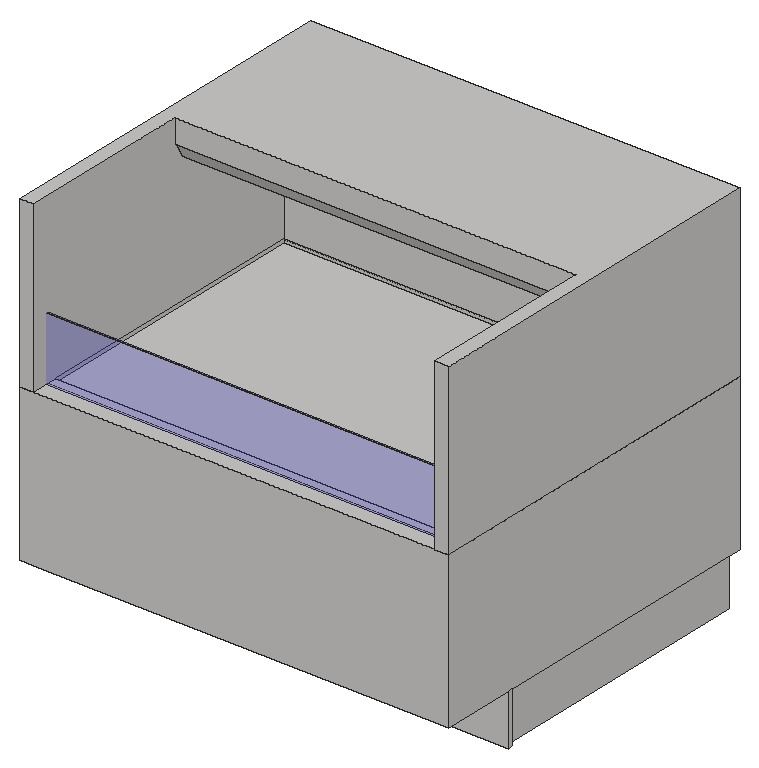
Revit family "Food-Service-Equipment_Oscartek_Muro_Optima-D34_cat", category Specialty Equipment, Revit 2026
Family settings
  Round Connector Dimension = Use Diameter
  Part Type = Normal
  Classification Number = 23.40.40.11
  Work Plane-Based = No
  Enable Cutting in Views = No
  Always vertical = Yes
  Cut with Voids When Loaded = No
  Maintain Annotation Orientation = No
  Shared = No
  Room Calculation Point = No
Parameters
  Weight in Pounds = 286
  Watts = Volts * FL Amps  # 880 W
  Volts = 220 V
  URL Cutsheet = "www.oscartek.com"
  URL = "www.oscartek.com"
  Type Comments = "As Specified"
  Test Data = "http://www.oscartek.com/company/clients.php"
  Standard Model [instance] = not(Show Shutter)  # yes
  Specification by User = ""
  Specification by Manufacturer = ""
  Specification = "https://www.arcat.com/arcatcos/cos48/arc48760.html"
  Show Shutter [instance] = no
  Serial Number = ""
  Seismic Rating = ""
  Sales Information = "http://www.oscartek.com/company/contact.php"
  SMACNA No = ""
  Revision Code = ""
  Revision = "R1_2018-10"
  Refrigerant Volume = 0.00 kip
  Refrigerant Type = ""
  Product Data = "http://www.oscartek.com/support/manuals/"
  Plumbing Remarks = ""
  Phase = 1
  Number of Poles = 1
  NAFEM Spec ID Number = ""
  Model = "MURO OPTIMA D34 1000"
  Min Ckt Ampacity = 0 A
  Max Overcurrent Protection = 0 A
  Masterspec = ""
  Manufacturer Website = "http://www.oscartek.com/index.php"
  Manufacturer Phone - Toll Free = "855-885-2400"
  Manufacturer Phone = "650-342-2400"
  Manufacturer Fax = "650-342-7400"
  Manufacturer Address = "361 Beach Rd., Burlingame, CA 94010"
  Manufacturer = "OSCARTEK"
  Length = 39 3/8"
  Item Number = ""
  Installed By = ""
  Installation-Fabrication = "http://www.oscartek.com/support/manuals/"
  Indirect Waste Size = 1"
  Indirect Waste Flow = 0 GPM
  Indirect Waste Connection Type = ""
  Indirect Waste Connection Height = 0"
  Identify Quantity as Lot = yes
  Height = 34 1/2"
  HP = ""
  Green Building-LEED = "https://www.arcat.com/green/green_building.shtml"
  Furnished By = ""
  Foodservice Equipment Identifier = yes
  FL Amps = 4 A
  Electrical Remarks = ""
  Electric Connection Type = ""
  Elec Conn RI Height = 0"
  Elec Conn Connection Height = 0"
  Drawn By = "Sumex Design, Inc. / Robert S. Weygant, CSI, CDT, SCIP"
  Description = "SELF SERVE AIR SCREEN REFRIGERATION SHOWCASE"
  Depth = 33 7/16"
  Default Elevation = 0"
  Cycle = 60 Hz
  Copyright = "©Arcat Inc."
  Construction Details = "http://www.oscartek.com/support/manuals/"
  Conn Plug = ""
  Conn Conduit = yes
  Category = ""
  CSI MasterFormat = "11 41 33"
  Building Codes = "https://www.arcat.com/arcatcos/cos48/arc48760.html"
  BTUH = 2990.0 Btu/h
  Apparent Power = 0 VA
Reference planes (in)
  plane 1 "BACK": y = 0
  plane 2: z = 0
  plane 3 "LEFT": x = 0
  plane 4 "RIGHT": x = 39.375
  plane 5 "FRONT": y = -33.4375
  plane 6 "TOP": z = 34.5
  plane 7 "Center Y": x = 19.6875
  plane 8 "Center X": y = -16.71875
  plane 9: x = 1.21823
  plane 10: x = 38.15677
Forms (in)
  Extrusion 1, solid, material "QF_Metal - Stainless - Polished", visible <- "Standard Model"
    sketch origin (1.21823, -57.31332, 48) x (0, -1, 0) y (0, 0, 1)
      loop
        line (-40.08563, -15.72237) -> (-40.08563, -13.5) -> (-57.31332, -13.5) -> (-57.31332, -29) -> (-52.64307, -29) -> (-52.64307, -16.56425) -> (-41.81438, -16.56425) -> (-40.96622, -17.05394) -> (-40.19744, -15.72237) -> (-40.08563, -15.72237)
    from 0 to -36.93854
  Extrusion 2, solid, material "QF_Metal - Stainless - Polished"
    sketch origin (0, 0, 0) x (0, 1, 0) y (0, 0, 1)
      loop
        line (-26.52507, 0) -> (-26.13211, 0) -> (-26.13211, 4.69916) -> (-26.52507, 4.69916) -> (-26.52507, 0)
    from 0 to 39.375 <- "Length"
  Extrusion 3, solid, material "Glass"
    sketch origin (1.21823, -57.31332, 48) x (0, -1, 0) y (0, 0, 1)
      loop
        line (-25.47687, -23.12537) -> (-25.47687, -29.01984) -> (-25.24109, -29.01984) -> (-25.24109, -23.12537) -> (-25.47687, -23.12537)
    from 0 to -36.93854
  Extrusion 4, solid, material "QF_Metal - Stainless - Polished", visible <- "Standard Model"
    sketch origin (39.375, 0, 0) x (0, -1, 0) y (0, 0, 1)
      loop
        line (0, 34.5) -> (0, 19) -> (33.4375, 19) -> (33.4375, 34.5) -> (0, 34.5)
    from 0 to 1.21823
  Extrusion 5, solid, material "QF_Metal - Stainless - Polished", visible <- "Standard Model"
    sketch origin (0, 0, 0) x (0, -1, 0) y (0, 0, -1)
      loop
        line (0, -34.5) -> (33.4375, -34.5) -> (33.4375, -19) -> (0, -19) -> (0, -34.5)
    from 0 to 1.21823
  Extrusion 6, solid, material "QF_Metal - Stainless - Polished", visible <- "Standard Model"
    sketch origin (0, 0, 0) x (0, 1, 0) y (0, 0, 1)
      loop
        line (0, 19) -> (-33.4375, 19) -> (-33.4375, 4.69916) -> (0, 4.69916) -> (0, 19)
    from 0 to 1.21823
  Extrusion 7, solid, material "QF_Metal - Stainless - Polished", visible <- "Show Shutter"
    sketch origin (1.21823, -151.17108, 48) x (0, -1, 0) y (0, 0, 1)
      loop
        line (-119.86952, -22.43653) -> (-119.49454, -21.78704) -> (-119.29806, -21.44673) -> (-119.36613, -21.40743) -> (-119.53725, -21.72264) -> (-133.94339, -13.90163) -> (-133.94339, -14.79591) -> (-119.86952, -22.43653)
    from 0 to -36.93854
  Extrusion 8, solid, material "QF_Metal - Stainless - Polished", visible <- "Standard Model"
    sketch origin (39.375, 0, 0) x (0, -1, 0) y (0, 0, 1)
      loop
        line (0, 19) -> (0, 4.6875) -> (33.4375, 4.6875) -> (33.4375, 19) -> (0, 19)
    from 0 to 1.21823
  Extrusion 9, solid, material "QF_Metal - Stainless - Polished", visible <- "Standard Model"
    sketch origin (1.21823, -57.31332, 48) x (0, -1, 0) y (0, 0, 1)
      loop
        line (-23.87582, -43.3125) -> (-23.87582, -29) -> (-26.26916, -29) -> (-26.26916, -29.3208) -> (-52.64307, -29.3208) -> (-52.64307, -29) -> (-57.31332, -29) -> (-57.31332, -43.30084) -> (-56.13443, -43.30084) -> (-56.13443, -44.75805) -> (-31.18121, -44.75805) -> (-31.18121, -43.3125) -> (-23.87582, -43.3125)
    from 0 to -36.93854
  Extrusion 10, solid, material "QF_Metal - Stainless - Polished", visible <- "Show Shutter"
    sketch origin (0, 0, 0) x (0, 1, 0) y (0, 0, 1)
      loop
        line (-33.47305, 4.6875) -> (-0.03555, 4.6875) -> (-0.03555, 19) -> (-4.70581, 19) -> (-4.70581, 18.6792) -> (-27.81184, 18.6792) -> (-30.27597, 25.44933) -> (-31.31051, 25.44933) -> (-31.5003, 25.77806) -> (-33.47305, 25.07675) -> (-33.47305, 4.6875)
    from 0 to 39.375 <- "Length"
  Extrusion 11, solid, material "QF_Metal - Stainless - Polished"
    sketch origin (0, 0, 18.4292) x (1, 0, 0) y (0, 1, 0)
      loop
        circle (3.92964, -19.00558) r 0.64839
      loop
        circle (34.76074, -19.35924) r 0.64839
    from 0 to 0.125
  Extrusion 12, solid, material "QF_Metal - Stainless - Polished"
    sketch origin (0, 0, 10.80145) x (1, 0, 0) y (0, 1, 0)
      loop
        circle (5.87377, -7.53114) r 0.58819
    from 0 to 0.125
  Extrusion 13, solid, material "QF_Metal - Stainless - Polished"
    sketch origin (0, 0, 10.80145) x (1, 0, 0) y (0, 1, 0)
      loop
        circle (35.05546, -7.4104) r 0.39296
      loop
        circle (36.50943, -7.4104) r 0.49121
    from 0 to 0.125
  Extrusion 14, solid, material "QF_Metal - Stainless - Polished"
    sketch origin (39.375, 0, 0) x (0, -1, 0) y (0, 0, 1)
      loop
        line (26.13211, 4.6875) -> (1.17889, 4.6875) -> (1.17889, 0.39296) -> (26.13211, 0.39296) -> (26.13211, 4.6875)
    from 0 to 1.21823
  Extrusion 15, solid, material "QF_Metal - Stainless - Polished"
    sketch origin (0, 0, 0) x (0, 1, 0) y (0, 0, 1)
      loop
        line (-26.13211, 4.6875) -> (-26.13211, 0.39296) -> (-1.17889, 0.39296) -> (-1.17889, 4.6875) -> (-26.13211, 4.6875)
    from 0 to 1.21823
  Extrusion 16, solid, material "QF_Metal - Stainless - Polished", visible <- "Standard Model"
    sketch origin (1.21823, -57.31332, 48) x (0, -1, 0) y (0, 0, 1)
      loop
        line (-35.88956, -47.60704) -> (-35.88956, -44.75) -> (-51.42608, -44.75) -> (-51.42608, -47.60704) -> (-35.88956, -47.60704)
    from 0 to -36.93854
  Extrusion 17, solid, material "QF_Metal - Stainless - Polished", visible <- "Show Shutter"
    sketch origin (39.375, 0, 0) x (0, -1, 0) y (0, 0, 1)
      loop
        line (0, 34.5) -> (0, 18.6792) -> (27.81184, 18.6792) -> (30.27597, 25.44933) -> (31.31051, 25.44933) -> (31.5003, 25.77806) -> (33.4375, 25.08939) -> (33.4375, 34.5) -> (0, 34.5)
    from 0 to 1.21823
  Extrusion 18, solid, material "QF_Metal - Stainless - Polished", visible <- "Show Shutter"
    sketch origin (0, 0, 0) x (0, -1, 0) y (0, 0, -1)
      loop
        line (0, -34.5) -> (33.4375, -34.5) -> (33.4375, -25.08939) -> (31.5003, -25.77806) -> (31.31051, -25.44933) -> (30.27597, -25.44933) -> (27.81184, -18.6792) -> (0, -18.6792) -> (0, -34.5)
    from 0 to 1.21823
  Extrusion 19, solid, material "QF_Metal - Stainless - Polished", visible <- "Show Shutter"
    sketch origin (1.21823, -57.31332, 48) x (0, -1, 0) y (0, 0, 1)
      loop
        line (-40.08563, -15.72237) -> (-40.08563, -13.5) -> (-57.31332, -13.5) -> (-57.31332, -29) -> (-52.64307, -29) -> (-52.64307, -16.56425) -> (-41.81438, -16.56425) -> (-40.96622, -17.05394) -> (-40.19744, -15.72237) -> (-40.08563, -15.72237)
    from 0 to -36.93854
Cuts and joins
  joined: Extrusion 1, Extrusion 4, Extrusion 5
  joined: Extrusion 6, Extrusion 8, Extrusion 9
  joined: Extrusion 10, Extrusion 17, Extrusion 18, Extrusion 19
Lines and regions (in)
  symbolic lines
    curve 1: line (0, 0, 0) -> (39.375, 0, 0)
    curve 2: line (0, -33.4375, 0) -> (0, 0, 0)
    curve 3: line (39.375, -33.4375, 0) -> (0, -33.4375, 0)
    curve 4: line (39.375, 0, 0) -> (39.375, -33.4375, 0)
    curve 5: line (1.21823, -33.4375, 0) -> (1.21823, -17.2277, 0)
    curve 6: line (1.21823, -17.2277, 0) -> (38.15677, -17.2277, 0)
    curve 7: line (38.15677, -17.2277, 0) -> (38.15677, -33.4375, 0)
    curve 8: line (1.21823, -32.07223, 0) -> (38.15677, -32.07223, 0)
    curve 9: line (38.15677, -32.23863, 0) -> (1.21823, -32.23863, 0)
    curve 10: line (38.15677, -32.30687, 0) -> (1.21823, -32.30687, 0)
Dimensions and locks (in)
  equal spacing: plane 3 "LEFT", plane 7 "Center Y", plane 4 "RIGHT"
  "Length": plane 3 "LEFT" to plane 4 "RIGHT"
  equal spacing: plane 5 "FRONT", plane 8 "Center X", plane 1 "BACK"
  "Depth": plane 5 "FRONT" to plane 1 "BACK"
  "Height": plane 6 "TOP" to level
  locked: plane 10 to plane 4 "RIGHT" at 1.21823
  locked: plane 3 "LEFT" to plane 9 at 1.21823
  locked: plane 4 "RIGHT" to nested 3 at 3
  locked: plane 4 "RIGHT" to nested 4 at 3
  aligned and locked: level to plane 2
  aligned and locked: plane 10 to Extrusion 3
  aligned and locked: plane 10 to cut or joined group of Extrusion 1, Extrusion 4, Extrusion 5
  aligned and locked: plane 10 to Extrusion 9
  aligned and locked: plane 10 to Extrusion 7
  aligned and locked: plane 10 to Extrusion 19
Automatic sketch dimensions
  curve 3 to plane 3 "LEFT" = 0"
  curve 8 to plane 9 = 0"
  curve 9 to plane 10 = 0"
  plane 1 "BACK" to curve 1 = 0"
  curve 1 to plane 4 "RIGHT" = 0"
  plane 5 "FRONT" to curve 4 = 0"
  curve 7 to plane 8 "Center X" = 0.50895"
  curve 10 to plane 5 "FRONT" = 1.13063"
  curve 10 to curve 9 = 0.06824"
  curve 9 to curve 8 = 0.1664"
  Extrusion 1 sketch curve to plane 1 "BACK" = 0"
  Extrusion 1 sketch curve to plane 6 "TOP" = 0"
  plane 1 "BACK" to Extrusion 1 sketch curve = 4.67025"
  plane 8 "Center X" to Extrusion 1 sketch curve = 1.21981"
  plane 8 "Center X" to Extrusion 1 sketch curve = 0.37165"
  Extrusion 1 sketch curve to plane 8 "Center X" = 0.39714"
  Extrusion 1 sketch curve to Extrusion 1 sketch curve = 0.11181"
  Extrusion 1 sketch curve to plane 6 "TOP" = 2.22237"
  Extrusion 1 sketch curve to Extrusion 1 sketch curve = 0.84188"
  Extrusion 1 sketch curve to Extrusion 1 sketch curve = 12.43575"
  Extrusion 2 sketch curve to level = 0"
  Extrusion 2 sketch curve to plane 5 "FRONT" = 6.91243"
  Extrusion 2 sketch curve to Extrusion 2 sketch curve = 0.39296"
  Extrusion 2 sketch curve to Extrusion 2 sketch curve = 4.69916"
  Extrusion 3 sketch curve to plane 5 "FRONT" = 1.60105"
  Extrusion 3 sketch curve to Extrusion 3 sketch curve = 0.23578"
  Extrusion 3 sketch curve to plane 6 "TOP" = 15.51984"
  Extrusion 3 sketch curve to Extrusion 3 sketch curve = 5.89446"
  Extrusion 4 sketch curve to plane 1 "BACK" = 0"
  Extrusion 4 sketch curve to plane 5 "FRONT" = 0"
  Extrusion 4 sketch curve to plane 6 "TOP" = 0"
  Extrusion 4 sketch curve to plane 6 "TOP" = 15 1/2"
  Extrusion 5 sketch curve to plane 1 "BACK" = 0"
  Extrusion 5 sketch curve to plane 5 "FRONT" = 0"
  Extrusion 5 sketch curve to plane 6 "TOP" = 0"
  Extrusion 5 sketch curve to plane 6 "TOP" = 15 1/2"
  Extrusion 6 sketch curve to plane 5 "FRONT" = 0"
  Extrusion 6 sketch curve to plane 1 "BACK" = 0"
  level to Extrusion 6 sketch curve = 4.69916"
  Extrusion 6 sketch curve to Extrusion 6 sketch curve = 14.30084"
  Extrusion 7 sketch curve to plane 8 "Center X" = 0.50895"
  Extrusion 7 sketch curve to plane 5 "FRONT" = 2.13594"
  Extrusion 7 sketch curve to Extrusion 7 sketch curve = 0.33227"
  Extrusion 7 sketch curve to Extrusion 7 sketch curve = 0.04271"
  Extrusion 7 sketch curve to Extrusion 7 sketch curve = 0.17112"
  Extrusion 7 sketch curve to Extrusion 7 sketch curve = 0.06806"
  Extrusion 7 sketch curve to plane 6 "TOP" = 8.93653"
  Extrusion 7 sketch curve to Extrusion 7 sketch curve = 0.64948"
  Extrusion 7 sketch curve to Extrusion 7 sketch curve = 0.06441"
  Extrusion 7 sketch curve to Extrusion 7 sketch curve = 0.27591"
  Extrusion 7 sketch curve to Extrusion 7 sketch curve = 0.89428"
  Extrusion 8 sketch curve to plane 1 "BACK" = 0"
  Extrusion 8 sketch curve to plane 5 "FRONT" = 0"
  level to Extrusion 8 sketch curve = 4 11/16"
  Extrusion 8 sketch curve to Extrusion 8 sketch curve = 14 5/16"
  Extrusion 9 sketch curve to plane 1 "BACK" = 0"
  Extrusion 9 sketch curve to plane 5 "FRONT" = 0"
  plane 1 "BACK" to Extrusion 9 sketch curve = 1.17889"
  plane 1 "BACK" to Extrusion 9 sketch curve = 4.67025"
  level to Extrusion 9 sketch curve = 3.24195"
  Extrusion 9 sketch curve to plane 5 "FRONT" = 7.30539"
  Extrusion 9 sketch curve to plane 5 "FRONT" = 2.39334"
  Extrusion 9 sketch curve to Extrusion 9 sketch curve = 1.44555"
  Extrusion 9 sketch curve to Extrusion 9 sketch curve = 1.45721"
  Extrusion 9 sketch curve to Extrusion 9 sketch curve = 13.9917"
  Extrusion 9 sketch curve to Extrusion 9 sketch curve = 0.3208"  (x2)
  plane 5 "FRONT" to Extrusion 10 sketch curve = 0.03555"
  Extrusion 10 sketch curve to plane 5 "FRONT" = 1.9372"
  Extrusion 10 sketch curve to Extrusion 10 sketch curve = 0.18979"
  Extrusion 10 sketch curve to Extrusion 10 sketch curve = 1.03454"
  Extrusion 10 sketch curve to plane 5 "FRONT" = 5.62566"
  plane 1 "BACK" to Extrusion 10 sketch curve = 4.70581"
  plane 1 "BACK" to Extrusion 10 sketch curve = 0.03555"
  Extrusion 10 sketch curve to Extrusion 10 sketch curve = 0.3208"
  Extrusion 10 sketch curve to Extrusion 10 sketch curve = 6.39755"
  Extrusion 10 sketch curve to Extrusion 10 sketch curve = 0.37258"
  Extrusion 10 sketch curve to Extrusion 10 sketch curve = 0.32873"
  Extrusion 11 sketch curve to plane 9 = 2.71141"
  Extrusion 11 sketch curve to plane 10 = 3.39603"
  Extrusion 11 sketch curve to plane 8 "Center X" = 2.64049"
  Extrusion 11 sketch curve to plane 8 "Center X" = 2.28683"
  Extrusion 12 sketch curve to plane 9 = 4.65554"
  plane 1 "BACK" to Extrusion 12 sketch curve = 7.53114"
  Extrusion 13 sketch curve to plane 10 = 3.10131"
  Extrusion 13 sketch curve to Extrusion 13 sketch curve = 1.45397"
  plane 1 "BACK" to Extrusion 13 sketch curve = 7.4104"
  Extrusion 13 sketch curve to Extrusion 13 sketch curve = 0"
  plane 1 "BACK" to Extrusion 14 sketch curve = 1.17889"
  level to Extrusion 14 sketch curve = 0.39296"
  Extrusion 14 sketch curve to plane 5 "FRONT" = 7.30539"
  Extrusion 14 sketch curve to Extrusion 14 sketch curve = 4.29454"
  level to Extrusion 15 sketch curve = 0.39296"
  Extrusion 15 sketch curve to plane 5 "FRONT" = 7.30539"
  plane 1 "BACK" to Extrusion 15 sketch curve = 1.17889"
  Extrusion 15 sketch curve to Extrusion 15 sketch curve = 4.29454"
  level to Extrusion 16 sketch curve = 0.39296"
  plane 1 "BACK" to Extrusion 16 sketch curve = 5.88724"
  Extrusion 16 sketch curve to plane 8 "Center X" = 4.70501"
  Extrusion 16 sketch curve to Extrusion 16 sketch curve = 2.85704"
  Extrusion 17 sketch curve to plane 1 "BACK" = 0"
  Extrusion 17 sketch curve to plane 5 "FRONT" = 0"
  Extrusion 17 sketch curve to plane 6 "TOP" = 0"
  Extrusion 17 sketch curve to plane 5 "FRONT" = 5.62566"
  Extrusion 17 sketch curve to plane 5 "FRONT" = 3.16153"
  Extrusion 17 sketch curve to Extrusion 17 sketch curve = 1.03454"
  Extrusion 17 sketch curve to Extrusion 17 sketch curve = 0.18979"
  Extrusion 17 sketch curve to plane 6 "TOP" = 8.72194"
  Extrusion 17 sketch curve to Extrusion 17 sketch curve = 0.32873"
  Extrusion 17 sketch curve to Extrusion 17 sketch curve = 0.68867"
  Extrusion 17 sketch curve to Extrusion 17 sketch curve = 6.77014"
  Extrusion 18 sketch curve to plane 1 "BACK" = 0"
  Extrusion 18 sketch curve to plane 5 "FRONT" = 0"
  Extrusion 18 sketch curve to plane 6 "TOP" = 0"
  Extrusion 18 sketch curve to plane 5 "FRONT" = 5.62566"
  Extrusion 18 sketch curve to plane 5 "FRONT" = 3.16153"
  Extrusion 18 sketch curve to Extrusion 18 sketch curve = 1.03454"
  Extrusion 18 sketch curve to Extrusion 18 sketch curve = 0.18979"
  Extrusion 18 sketch curve to plane 6 "TOP" = 8.72194"
  Extrusion 18 sketch curve to Extrusion 18 sketch curve = 0.32873"
  Extrusion 18 sketch curve to Extrusion 18 sketch curve = 0.68867"
  Extrusion 18 sketch curve to plane 6 "TOP" = 15.8208"
  Extrusion 19 sketch curve to plane 1 "BACK" = 0"
  Extrusion 19 sketch curve to plane 6 "TOP" = 0"
  plane 1 "BACK" to Extrusion 19 sketch curve = 4.67025"
  plane 8 "Center X" to Extrusion 19 sketch curve = 1.21981"
  plane 8 "Center X" to Extrusion 19 sketch curve = 0.37165"
  Extrusion 19 sketch curve to plane 8 "Center X" = 0.39714"
  Extrusion 19 sketch curve to Extrusion 19 sketch curve = 0.11181"
  Extrusion 19 sketch curve to plane 6 "TOP" = 2.22237"
  Extrusion 19 sketch curve to Extrusion 19 sketch curve = 0.84188"
  Extrusion 19 sketch curve to Extrusion 19 sketch curve = 12.43575"
  level to Extrusion 10 sketch curve = 4 11/16"
  Extrusion 10 sketch curve to Extrusion 10 sketch curve = 13.9917"
  radius of Extrusion 11 sketch curve = 0.64839"  (x2)
  radius of Extrusion 12 sketch curve = 0.58819"
  radius of Extrusion 13 sketch curve = 0.39296"
  radius of Extrusion 13 sketch curve = 0.49121"
Nested families (in)
  nested 1: "3 INCHES 01_CASTER" at (3, -3.53307, 0), type "3 INCHES 01_CASTER"
    with Type Mark "", Specification by User "", Revision Code "", Item Number "", Installed By "", Identify Quantity as Lot yes, Furnished By "", Foodservice Equipment Identifier yes, 3 Inches Caster yes
  nested 2: "3 INCHES 01_CASTER" at (3, -23.78307, 0), type "3 INCHES 01_CASTER"
    with Type Mark "", Specification by User "", Revision Code "", Item Number "", Installed By "", Identify Quantity as Lot yes, Furnished By "", Foodservice Equipment Identifier yes, 3 Inches Caster yes
  nested 3: "3 INCHES 01_CASTER" at (36.375, -3.53307, 0), type "3 INCHES 01_CASTER"
    with Type Mark "", Specification by User "", Revision Code "", Item Number "", Installed By "", Identify Quantity as Lot yes, Furnished By "", Foodservice Equipment Identifier yes, 3 Inches Caster yes
  nested 4: "3 INCHES 01_CASTER" at (36.375, -23.78307, 0), type "3 INCHES 01_CASTER"
    with Type Mark "", Specification by User "", Revision Code "", Item Number "", Installed By "", Identify Quantity as Lot yes, Furnished By "", Foodservice Equipment Identifier yes, 3 Inches Caster yes
Connectors (in)
  piping at (3.92964, -19.00558, 18.4292), diameter 1, driven by "Indirect Waste Size"
    settings: on Extrusion 11, index 9, connector inside diameter 24", connector length 0", flow factor 0, pipe flow 0 GPM, pressure drop 0.00 psi, fitting loss kfactor 0, connector angle 0.00°, fixture units 0, engagement length 0", angle of deflection 0.00°, flow configuration 1, flow direction 2, fitting loss method 0, system type 16, joint type 0, gender type 0, connector reference index -1, connector utility 0, adjustable connector no, is connector primary yes, connector description "DRAIN"
  piping at (34.76074, -19.35924, 18.4292), diameter 1, driven by "Indirect Waste Size"
    settings: on Extrusion 11, index 10, connector inside diameter 24", connector length 0", flow factor 0, pipe flow 0 GPM, pressure drop 0.00 psi, fitting loss kfactor 0, connector angle 0.00°, fixture units 0, engagement length 0", angle of deflection 0.00°, flow configuration 1, flow direction 2, fitting loss method 0, system type 16, joint type 0, gender type 0, connector reference index -1, connector utility 0, adjustable connector no, is connector primary no, connector description "DRAIN"
  piping at (35.05546, -7.4104, 10.80145), diameter 0.78906
    settings: on Extrusion 13, index 11, connector inside diameter 24", connector length 0", flow factor 0, pipe flow 0 GPM, pressure drop 0.00 psi, fitting loss kfactor 0, connector angle 0.00°, fixture units 0, engagement length 0", angle of deflection 0.00°, flow configuration 1, flow direction 1, fitting loss method 0, system type 7, joint type 0, gender type 0, connector reference index -1, connector utility 0, adjustable connector no, is connector primary no, connector description "REFRIGERATION CONNECTION"
  electrical at (5.87377, -7.53114, 10.80145), driven by "Volts", driven by "Watts"
    settings: on Extrusion 12, index 12, voltage 220 V, apparent load 880 VA, apparent load phase1 0 VA, apparent load phase2 0 VA, apparent load phase3 0 VA, power factor 1, load classification "Other", number of poles 1, system type 30, power factor state 1, is connector primary yes, connector utility no, sub classification motor no, connector description "ELECTRICAL CONNECTION"
Definition of nested family "3 INCHES 01_CASTER"
  Parameters
    Weight = ""
    URL Manufacturer = ""
    URL Cutsheet = ""
    URL = ""
    Type Mark [instance] = ""
    Specification by User [instance] = ""
    Specification by Manufacturer = ""
    Serial Number = ""
    Seismic Rating = ""
    SMACNA No = ""
    Revision Code [instance] = ""
    Omniclass Number and Title = ""
    NAFEM Spec ID Number = ""
    Model = ""
    MasterSpec. = ""
    Manufacturer = ""
    Item Number [instance] = ""
    Installed By [instance] = ""
    Identify Quantity as Lot [instance] = yes
    Furnished By [instance] = ""
    Foodservice Equipment Identifier [instance] = yes
    Description = ""
    Default Elevation = 0"
    CSI MasterFormat = ""
    CSI Master Format = ""
    Assembly Code = ""
    3 Inches Caster [instance] = yes
  Reference planes (in)
    plane 1: z = 0
    plane 2 "RIGHT": x = 0
    plane 3 "FRONT": y = 0
    plane 4 "TOP": z = 3.25
  Forms (in)
    Revolve 1, solid, visible <- "3 Inches Caster"
      sketch origin (-1.93794, 0.56004, -1.0041) x (1, 0, 0) y (0, 0, 1)
        loop
          line (0.74055, 2.11347) -> (0.74055, 2.03797) -> (0.79055, 1.98797) -> (0.85055, 1.98797) -> (0.85055, 1.8679) -> (1.235, 1.8679) -> (1.235, 1.7068) -> (1.36441, 1.63209) -> (1.4003, 1.41035) -> (1.34375, 1.41035) -> (1.34375, 1.28535) -> (1.375, 1.28535) -> (1.375, 1.0041) -> (2.48438, 1.0041) -> (2.48438, 1.28535) -> (2.51563, 1.28535) -> (2.51563, 1.41035) -> (2.45908, 1.41035) -> (2.49553, 1.6356) -> (2.62438, 1.70999) -> (2.62438, 1.8679) -> (3.04007, 1.8679) -> (3.04007, 1.98797) -> (3.10007, 1.98797) -> (3.15007, 2.03797) -> (3.15007, 2.11347) -> (0.74055, 2.11347)
        axis (0.74055, 2.11347) -> (3.15007, 2.11347)
      angle from 0 to 360
    Extrusion 2, solid, visible <- "3 Inches Caster"
      sketch origin (-1.93794, 1.35294, -3.2541) x (0, 1, 0) y (0, 0, 1)
        loop
          line (-0.41094, 5.86793) -> (-0.41094, 6.01276) -> (-2.29494, 6.01276) -> (-2.29494, 5.71244) -> (-1.82301, 5.71244)
          arc (-1.82301, 5.71244) -> (-1.00307, 5.59865) -> (-0.19592, 5.41488) r 9.6332
          arc (-0.19592, 5.41488) -> (0.12646, 5.29481) -> (0.42224, 5.11916) r 1.92059
          line (0.42224, 5.11916) -> (0.51314, 5.245)
          arc (0.51314, 5.245) -> (0.27353, 5.42569) -> (0.01201, 5.5729) r 2.25036
          line (0.01201, 5.5729) -> (0.09371, 5.71426)
          arc (0.09371, 5.71426) -> (-0.15272, 5.81043) -> (-0.41094, 5.86793) r 1.73151
      from 1.17357 to 2.70231
    Revolve 3, solid, visible <- "3 Inches Caster"
      sketch origin (0, 1.73858, -3.25) x (0, 1, 0) y (0, 0, 1)
        loop
          line (-1.73858, 6.5) -> (-1.73858, 6.00866) -> (-0.93293, 6.00866) -> (-0.93293, 6.5) -> (-1.73858, 6.5)
        axis (-1.73858, 6.00866) -> (-1.73858, 6.5)
      angle from 0 to 360
    Extrusion 4, solid, visible <- "3 Inches Caster"
      sketch origin (-1.98481, 1.35294, -1.7541) x (0, 1, 0) y (0, 0, 1)
        loop
          line (-2.29494, 4.51276) -> (-2.29494, 4.21244) -> (-2.2074, 4.21244)
          arc (-2.2074, 4.21244) -> (-1.58796, 3.87196) -> (-1.3103, 3.22193) r 1.0835
          arc (-1.3103, 3.22193) -> (-1.27304, 2.98711) -> (-1.19616, 2.76214) r 1.38462
          arc (-1.19616, 2.76214) -> (-0.77704, 2.49744) -> (-0.37393, 2.78593) r 0.44401
          arc (-0.37393, 2.78593) -> (-0.35491, 2.84407) -> (-0.34077, 2.90358) r 0.74034
          arc (-0.34077, 2.90358) -> (-0.07302, 3.38916) -> (0.4279, 3.62699) r 0.90376
          line (0.4279, 3.62699) -> (0.51314, 3.745)
          arc (0.51314, 3.745) -> (0.27353, 3.92569) -> (0.01201, 4.0729) r 2.25036
          line (0.01201, 4.0729) -> (0.09371, 4.21426)
          arc (0.09371, 4.21426) -> (-0.15272, 4.31043) -> (-0.41094, 4.36793) r 1.73151
          line (-0.41094, 4.36793) -> (-0.41094, 4.51276) -> (-2.29494, 4.51276)
      from 2.74918 to 2.90825
    Extrusion 5, solid, visible <- "3 Inches Caster"
      sketch origin (1.98481, 1.35294, -1.7541) x (0, 1, 0) y (0, 0, -1)
        loop
          line (-2.29494, -4.51276) -> (-0.41094, -4.51276) -> (-0.41094, -4.36793)
          arc (-0.41094, -4.36793) -> (-0.15272, -4.31043) -> (0.09371, -4.21426) r 1.73151
          line (0.09371, -4.21426) -> (0.01201, -4.0729)
          arc (0.01201, -4.0729) -> (0.27353, -3.92569) -> (0.51314, -3.745) r 2.25036
          line (0.51314, -3.745) -> (0.4279, -3.62699)
          arc (0.4279, -3.62699) -> (-0.07302, -3.38916) -> (-0.34077, -2.90358) r 0.90376
          arc (-0.34077, -2.90358) -> (-0.35491, -2.84407) -> (-0.37393, -2.78593) r 0.74034
          arc (-0.37393, -2.78593) -> (-0.77704, -2.49744) -> (-1.19616, -2.76214) r 0.44401
          arc (-1.19616, -2.76214) -> (-1.27304, -2.98711) -> (-1.3103, -3.22193) r 1.38462
          arc (-1.3103, -3.22193) -> (-1.58796, -3.87196) -> (-2.2074, -4.21244) r 1.0835
          line (-2.2074, -4.21244) -> (-2.29494, -4.21244) -> (-2.29494, -4.51276)
      from 2.74918 to 2.90825
  Cuts and joins
    joined: Extrusion 2, Extrusion 4, Extrusion 5
  Lines and regions (in)
    symbolic lines, visible <- "3 Inches Caster"
      curve 1: line (0.1877, 1.65194, 0) -> (0.89063, 1.2461, 0)
      curve 2: line (-1.00175, -0.40823, 0) -> (0.1877, 1.65194, 0)
      curve 3: line (-0.29881, -0.81407, 0) -> (-1.00175, -0.40823, 0)
      curve 4: line (0.89063, 1.2461, 0) -> (-0.29881, -0.81407, 0)
  Dimensions and locks (in)
    plane 4 "TOP" to level = 3 1/4"  (x2)
    aligned and locked: level to plane 1
